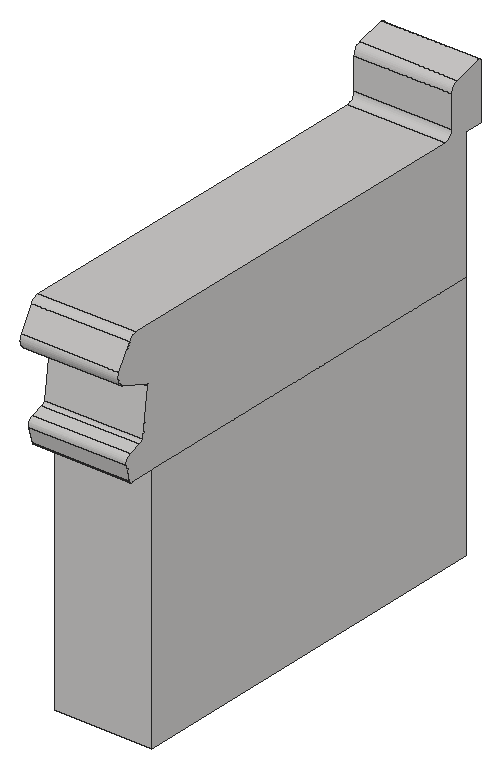
Revit family "QF_CAPIC_AM6_W290632", category Equipement spécialisé, Revit 2018
Family settings
  Cote de connecteur circulaire = Utiliser le diamètre
  Type d'élément = Normal
  Numéro OmniClass = 23.40.40.14
  Titre OmniClass = Food Service Equipment
  Basée sur le plan de construction = Non
  Toujours verticalement = Oui
  Couper avec des vides une fois chargée = Non
  Partagée = Non
  Point de calcul de pièce = Non
Parameters (values of type "200 x 925 x 900 mm")
  URL catalogue = "http://www.capic-fr.com/fr/"
  Type de Raccord Plomberie [instance] = ""
  Type de Raccord Electrique [instance] = ""
  Type de Gaz = ""
  Type article [instance] = ""
  Tension = 0 V
  Spécification du Fabricant = ""
  Show Logo = yes
  Remarques evacuation [instance] = ""
  Remarques Plomberie [instance] = ""
  Remarques Electricité [instance] = ""
  Puissance électrique  = 0 W
  Puissance Gaz kW = 0
  Profondeur hors tout = 925 mm
  Pression Maximum Eau Adoucie = 0.0 Pa
  Poids net à vide = 23.00 kg
  Phase = 0
  Modèle = "W290632"
  Longueur hors tout = 200 mm
  Intensité nominale = 0 A
  Hauteur hors tout = 1120 mm
  Hauteur de Raccordement du Sol Finis = 0 mm
  Hauteur de Raccordement Gaz du Sol Finis = 0 mm
  Hauteur de Raccordement Evacuation Directe du Sol Finis = 0 mm
  Hauteur de Raccordement Eau Froide du Sol Finis = 0 mm
  Hauteur de Raccordement Eau Chaude du Sol Finis = 0 mm
  Hauteur de Raccordement Eau Adoucie du Sol Finis = 0 mm
  Fréquence = 0 Hz
  Fabricant = "CAPIC"
  Débit d'air d'extraction = 0.0 m³/h
  Débit Gaz = 0.0 L/s
  Débit Eau Froide = 0.0 L/s
  Débit Eau Chaude = 0.0 L/s
  Débit Eau Adoucie = 0.0 L/s
  Diamètre de Raccordement Gaz = 0 mm
  Diamètre de Raccordement Evacuation = 0 mm
  Diamètre de Raccordement Eau Froide = 0 mm
  Diamètre de Raccordement Eau Chaude = 0 mm
  Diamètre de Raccordement Eau Adoucie = 0 mm
  Description = "Plan neutre sur facade pleine"
  Assembly Code = ""
  Classification  Omniclass nombre et titre = "23.40.40.14"
Reference planes
  plane 1 "Centre (avant/arrière)": y = 0
  plane 2: z = 0
  plane 3 "Centre (gauche/droite)": x = 0
  plane 4: x = 200
Forms (mm)
  Extrusion 1, solid, material "QF_Stainless Steel-Brushed"
    sketch origin (0, 0, 0) x (0, 1, 0) y (0, 0, 1)
      loop
        line (-37, 897) -> (0, 897) -> (0, 1013.429)
        arc (0, 1013.429) -> (-0.782, 1015.016) -> (-2.518, 1015.361) r 2
        line (-2.518, 1015.361) -> (-57.918, 1000.516)
        arc (-57.918, 1000.516) -> (-68.074, 993.73) -> (-72, 982.164) r 19
        line (-72, 982.164) -> (-72, 917)
        arc (-72, 917) -> (-76.979, 904.979) -> (-89, 900) r 17
        line (-89, 900) -> (-879.289, 900)
        arc (-879.289, 900) -> (-889.289, 897.321) -> (-896.61, 890) r 20
        line (-896.61, 890) -> (-922.551, 845.067)
        arc (-922.551, 845.067) -> (-924.025, 828.227) -> (-912.071, 816.274) r 20
        line (-912.071, 816.274) -> (-852.584, 794.622)
        arc (-852.584, 794.622) -> (-849.467, 792.029) -> (-848.71, 788.045) r 6
        line (-848.71, 788.045) -> (-863.004, 697.797)
        arc (-863.004, 697.797) -> (-865.152, 693.242) -> (-869.412, 690.554) r 9
        line (-869.412, 690.554) -> (-893.968, 683.511)
        arc (-893.968, 683.511) -> (-902.687, 676.541) -> (-903.87, 665.441) r 14.5
        line (-903.87, 665.441) -> (-894.201, 632.915)
        arc (-894.201, 632.915) -> (-892.759, 630.848) -> (-890.367, 630.054) r 4
        line (-890.367, 630.054) -> (-37, 630.054) -> (-37, 897)
    from 0 to 200
  Extrusion 2, solid, material "QF_Stainless Steel-Brushed"
    sketch origin (0, 0, 0) x (0, 1, 0) y (0, 0, 1)
      loop
        line (-838, 120) -> (-37, 120) -> (-37, 630) -> (-838, 630) -> (-838, 120)
    from 0 to 200
Dimensions and locks
  "Longueur hors tout": plane 3 "Centre (gauche/droite)" to plane 4
  aligned and locked: level to plane 2
  aligned and locked: plane 4 to Extrusion 1
  aligned and locked: Extrusion 2 to plane 3 "Centre (gauche/droite)"
  aligned and locked: plane 4 to Extrusion 2
Automatic sketch dimensions
  Extrusion 1 sketch curve to plane 1 "Centre (avant/arrière)" = 0 mm
  plane 1 "Centre (avant/arrière)" to Extrusion 1 sketch curve = 2 mm
  Extrusion 1 sketch curve to Extrusion 1 sketch curve = 0.518 mm
  plane 1 "Centre (avant/arrière)" to Extrusion 1 sketch curve = 37 mm
  plane 1 "Centre (avant/arrière)" to Extrusion 1 sketch curve = 53 mm
  Extrusion 1 sketch curve to Extrusion 1 sketch curve = 4.918 mm
  Extrusion 1 sketch curve to Extrusion 1 sketch curve = 19 mm
  Extrusion 1 sketch curve to Extrusion 1 sketch curve = 17 mm
  Extrusion 1 sketch curve to Extrusion 1 sketch curve = 3.874 mm
  Extrusion 1 sketch curve to Extrusion 1 sketch curve = 2.052 mm
  Extrusion 1 sketch curve to Extrusion 1 sketch curve = 14.294 mm
  Extrusion 1 sketch curve to Extrusion 1 sketch curve = 6.408 mm
  Extrusion 1 sketch curve to Extrusion 1 sketch curve = 8.889 mm
  Extrusion 1 sketch curve to Extrusion 1 sketch curve = 26.705 mm
  Extrusion 1 sketch curve to Extrusion 1 sketch curve = 20.559 mm
  Extrusion 1 sketch curve to Extrusion 1 sketch curve = 0.396 mm
  Extrusion 1 sketch curve to Extrusion 1 sketch curve = 3.998 mm
  Extrusion 1 sketch curve to Extrusion 1 sketch curve = 3.834 mm
  Extrusion 1 sketch curve to Extrusion 1 sketch curve = 17.321 mm  (x2)
  Extrusion 1 sketch curve to Extrusion 1 sketch curve = 13.899 mm
  Extrusion 1 sketch curve to Extrusion 1 sketch curve = 25.942 mm
  Extrusion 1 sketch curve to Extrusion 1 sketch curve = 6.84 mm
  level to Extrusion 1 sketch curve = 630.054 mm
  Extrusion 1 sketch curve to Extrusion 1 sketch curve = 2.86 mm
  Extrusion 1 sketch curve to Extrusion 1 sketch curve = 32.526 mm
  Extrusion 1 sketch curve to Extrusion 1 sketch curve = 4.131 mm
  Extrusion 1 sketch curve to Extrusion 1 sketch curve = 7.043 mm
  Extrusion 1 sketch curve to Extrusion 1 sketch curve = 7.243 mm
  Extrusion 1 sketch curve to Extrusion 1 sketch curve = 90.248 mm
  Extrusion 1 sketch curve to Extrusion 1 sketch curve = 0.939 mm
  Extrusion 1 sketch curve to Extrusion 1 sketch curve = 21.652 mm
  Extrusion 1 sketch curve to Extrusion 1 sketch curve = 18.794 mm
  Extrusion 1 sketch curve to Extrusion 1 sketch curve = 44.933 mm
  Extrusion 1 sketch curve to Extrusion 1 sketch curve = 10 mm
  Extrusion 1 sketch curve to Extrusion 1 sketch curve = 20 mm
  Extrusion 1 sketch curve to Extrusion 1 sketch curve = 65.164 mm
  Extrusion 1 sketch curve to Extrusion 1 sketch curve = 12.913 mm
  Extrusion 1 sketch curve to Extrusion 1 sketch curve = 759.71 mm
  plane 1 "Centre (avant/arrière)" to Extrusion 2 sketch curve = 838 mm
  plane 1 "Centre (avant/arrière)" to Extrusion 2 sketch curve = 37 mm
  level to Extrusion 2 sketch curve = 120 mm
  Extrusion 2 sketch curve to Extrusion 2 sketch curve = 510 mm
